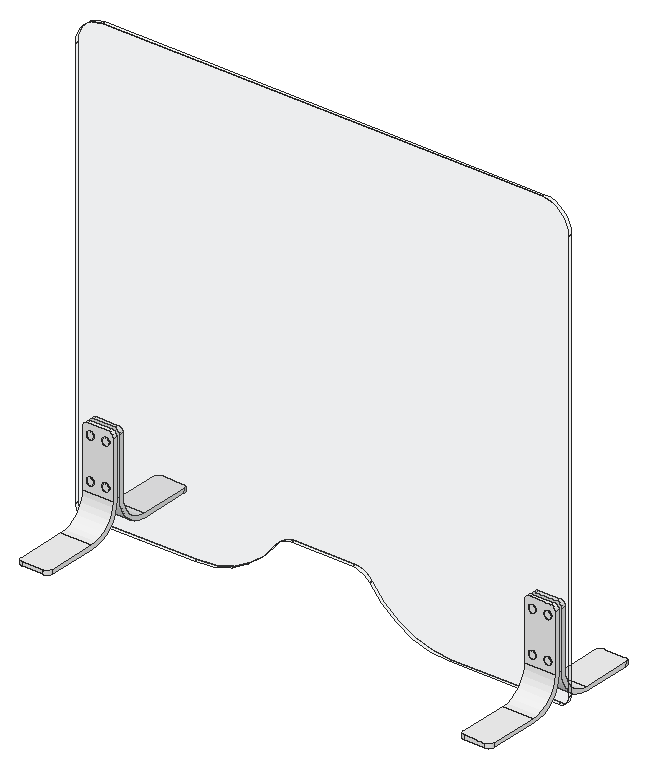
Revit family "Clarus_beShield_Freestanding_R19", category Furniture, host Face, Revit 2019
Family settings
  Host = Face
  Cut with Voids When Loaded = No
  Shared = No
  Room Calculation Point = No
Parameters (values of type "48" x 44"")
  Window [instance] = yes
  Width = 48"
  URL = "https://www.clarus.com/"
  TRC Standards [instance] = "http://therevitcollection.com/news/trc-news-the-revit-collection-standards-explained/"
  Shield [instance] = not(Window)  # no
  Product URL = "https://www.clarus.com/be-shield/"
  More Revit Families! [instance] = "www.therevitcollection.com"
  Modeled By = "Commense Studio"  # constant formula
  Model = "be! Shield"  # constant formula
  Manufacturer = "Clarus"  # constant formula
  Leg Finish [instance] = Clarus White
  Glass Depth = 3/8"
  Clarus Glass [instance] = Glass
  Description = "be! Shield is elegantly engineered to add a seamless layer of non-porous, antimicrobial tempered glass to ensure the health and safety of patrons and employees. It’s the perfect solution for the collaborative needs of your workspace."  # constant formula
  Height = 44"
  Designer = ""
  Depth = 17"
  Default Elevation = 0"
  Assembly Code = ""
Types (7): name | Width | Leg Finish | Height | Depth
  (no name) | 48" | Clarus White | 44" | 17"
  36" x 24" | 36" | Clarus Black | 24" | 12"
  48" x 24" | 48" | Clarus White | 24" | 12"
  36" x 34" | 36" | Clarus White | 34" | 12"
  48" x 34" | 48" | Clarus Black | 34" | 12"
  36" x 44" | 36" | Clarus Black | 44" | 17"
  48" x 44" | 48" | Clarus White | 44" | 17"
Reference planes (in)
  plane 1 "Center (Front/Back)": y = 0
  plane 2: z = 0
  plane 3 "Center (Left/Right)": x = 0
  plane 4 "L": x = -24
  plane 5 "R": x = 24
  plane 6 "B": y = 0.1875
  plane 7 "F": y = -0.1875
  plane 8: z = 44
  plane 9: x = 12.5
  plane 10: x = -12.5
  plane 11: z = 5.25
  plane 12: x = -21.5
  plane 13: x = 21.5
Forms (in)
  Extrusion 1, solid, material "Glass" <- "Clarus Glass", visible <- "Window"
    sketch origin (0, 0, 0) x (1, 0, 0) y (0, 0, 1)
      loop
        arc (-21.375, 44) -> (-23.23116, 43.23116) -> (-24, 41.375) r 2.625
        line (-24, 41.375) -> (-24, 1.25)
        arc (-24, 1.25) -> (-23.70711, 0.54289) -> (-23, 0.25) r 1
        line (-23, 0.25) -> (-12.42908, 0.25)
        arc (-12.42908, 0.25) -> (-7.99968, 1.34581) -> (-4.59213, 4.38043) r 9.5
        arc (-4.59213, 4.38043) -> (-3.87475, 5.0193) -> (-2.94225, 5.25) r 2
        line (-2.94225, 5.25) -> (2.94225, 5.25)
        arc (2.94225, 5.25) -> (3.87475, 5.0193) -> (4.59213, 4.38043) r 2
        arc (4.59213, 4.38043) -> (7.99968, 1.34581) -> (12.42908, 0.25) r 9.5
        line (12.42908, 0.25) -> (23, 0.25)
        arc (23, 0.25) -> (23.70711, 0.54289) -> (24, 1.25) r 1
        line (24, 1.25) -> (24, 41.375)
        arc (24, 41.375) -> (23.23116, 43.23116) -> (21.375, 44) r 2.625
        line (21.375, 44) -> (-21.375, 44)
    from -0.1875 to 0.1875
  Extrusion 2, solid, material "Glass" <- "Clarus Glass", visible <- "Shield"
    sketch origin (0, 0, 0) x (1, 0, 0) y (0, 0, 1)
      loop
        arc (-21.375, 44) -> (-23.23116, 43.23116) -> (-24, 41.375) r 2.625
        line (-24, 41.375) -> (-24, 1.25)
        arc (-24, 1.25) -> (-23.70711, 0.54289) -> (-23, 0.25) r 1
        line (-23, 0.25) -> (23, 0.25)
        arc (23, 0.25) -> (23.70711, 0.54289) -> (24, 1.25) r 1
        line (24, 1.25) -> (24, 41.375)
        arc (24, 41.375) -> (23.23116, 43.23116) -> (21.375, 44) r 2.625
        line (21.375, 44) -> (-21.375, 44)
    from -0.1875 to 0.1875
Dimensions and locks (in)
  equal spacing: plane 4 "L", plane 3 "Center (Left/Right)", plane 5 "R"
  "Width": plane 4 "L" to plane 5 "R"
  equal spacing: plane 7 "F", plane 1 "Center (Front/Back)", plane 6 "B"
  "Glass Depth": plane 7 "F" to plane 6 "B"
  "Height": plane 8 to level
  plane 10 to plane 3 "Center (Left/Right)" to plane 9 = 12 1/2", 12 1/2"
  plane 11 to level = 5 1/4"
  locked: plane 4 "L" to plane 12 at 2.5
  locked: plane 13 to plane 5 "R" at 2.5
  aligned and locked: plane 2 to host face
  aligned and locked: level to host face
  aligned and locked: Extrusion 1 sketch curve to plane 11
  aligned and locked: Extrusion 1 to plane 6 "B"
  aligned and locked: plane 7 "F" to Extrusion 1
  aligned and locked: nested 1 to plane 12
  aligned and locked: plane 13 to nested 2
  aligned and locked: plane 4 "L" to Extrusion 2 sketch curve
  aligned and locked: Extrusion 2 sketch curve to plane 5 "R"
  aligned and locked: Extrusion 2 sketch curve to plane 8
Automatic sketch dimensions
  host sketch curve to host sketch curve = 96"  (x2)
  Extrusion 1 sketch curve to plane 4 "L" = 0"
  Extrusion 1 sketch curve to plane 8 = 0"
  Extrusion 1 sketch curve to plane 5 "R" = 0"
  level to Extrusion 1 sketch curve = 1/4"  (x2)
  plane 4 "L" to Extrusion 1 sketch curve = 1"
  plane 4 "L" to Extrusion 1 sketch curve = 2 5/8"
  Extrusion 1 sketch curve to plane 3 "Center (Left/Right)" = 2.94225"
  plane 3 "Center (Left/Right)" to Extrusion 1 sketch curve = 2.94225"
  Extrusion 1 sketch curve to plane 9 = 0.07092"
  Extrusion 1 sketch curve to Extrusion 1 sketch curve = 2 5/8"
  Extrusion 1 sketch curve to plane 5 "R" = 1"
  Extrusion 1 sketch curve to plane 11 = 2"  (x2)
  plane 11 to Extrusion 1 sketch curve = 4 1/2"  (x2)
  Extrusion 1 sketch curve to plane 10 = 0.07092"
  level to Extrusion 2 sketch curve = 1/4"
  plane 4 "L" to Extrusion 2 sketch curve = 1"
  Extrusion 2 sketch curve to plane 12 = 1/8"
  Extrusion 2 sketch curve to plane 13 = 1/8"
  Extrusion 2 sketch curve to Extrusion 2 sketch curve = 1"
Nested families (in)
  nested 1: "Clarus_beShield_F&B_R18" at (-21.5, 0.5625, 0), Core Finish <- "Leg Finish", type "Front & Back 12""
    with TRC Standards "http://therevitcollection.com/news/trc-news-the-revit-collection-standards-explained/", More Revit Families! "www.therevitcollection.com", Core Finish Clarus White, D Control 8 1/2", Depth 17"
  nested 2: "Clarus_beShield_F&B_R18" at (21.5, 0.5625, 0), Core Finish <- "Leg Finish", type "Front & Back 12""
    with TRC Standards "http://therevitcollection.com/news/trc-news-the-revit-collection-standards-explained/", More Revit Families! "www.therevitcollection.com", Core Finish Clarus White, D Control 8 1/2", Depth 17"
Definition of nested family "Clarus_beShield_F&B_R18"
  Parameters (values of type "Front & Back 12"")
    Width = 3"  # constant formula
    URL = "https://www.clarus.com/"
    TRC Standards [instance] = "http://therevitcollection.com/news/trc-news-the-revit-collection-standards-explained/"
    Product URL = "https://www.clarus.com/be-shield/"
    More Revit Families! [instance] = "www.therevitcollection.com"
    Modeled By = "Commense Studio"  # constant formula
    Model = "be! Shield"  # constant formula
    Manufacturer = "Clarus"  # constant formula
    D Control = Depth / 2  # 6"
    Core Finish [instance] = none
    Description = "be! Shield Leg Configs"  # constant formula
    Height = 9"  # constant formula
    Designer = ""
    Depth = 12"
    Default Elevation = 0"
    Assembly Code = ""
  Reference planes (in)
    plane 1 "Center (Front/Back)": y = 0
    plane 2: z = 0
    plane 3 "Center (Left/Right)": x = 0
    plane 4 "L": x = -1.5
    plane 5 "R": x = 1.5
    plane 6: z = 9
    plane 7: y = -0.375
    plane 8: y = -0.75
    plane 9: y = 5.4375
    plane 10 "cl": y = -0.5625
    plane 11: y = -6.5625
    plane 12: y = -1.125
  Forms (in)
    Extrusion 1, solid
      sketch origin (0, 0, 0) x (1, 0, 0) y (0, 1, 0)
        loop
          line (-48, 48) -> (-48, -48) -> (48, -48) -> (48, 48) -> (-48, 48)
      from 0 to -12
    Extrusion 2, solid, material <- "Core Finish"
      sketch origin (0, -0.75984, 0) x (1, 0, 0) y (0, 0, 1)
        loop
          arc (-1, 9) -> (-1.35355, 8.85355) -> (-1.5, 8.5) r 0.5
          line (-1.5, 8.5) -> (-1.5, 3.00001) -> (1.5, 3.00001) -> (1.5, 8.5)
          arc (1.5, 8.5) -> (1.35355, 8.85355) -> (1, 9) r 0.5
          line (1, 9) -> (-1, 9)
      from -0.00984 to 0.36516
    Extrusion 3, void
      sketch origin (0, 0, 0) x (1, 0, 0) y (0, 0, 1)
        loop
          circle (-0.75197, 8.00344) r 0.37503
        loop
          circle (-0.75197, 8.00344) r 0.34378
        loop
          circle (0.75197, 8.00344) r 0.37503
        loop
          circle (0.75197, 8.00344) r 0.34378
        loop
          circle (-0.75197, 4.00344) r 0.37503
        loop
          circle (-0.75197, 4.00344) r 0.34378
        loop
          circle (0.75197, 4.00344) r 0.37503
        loop
          circle (0.75197, 4.00344) r 0.34378
      from 0 to 2
    Extrusion 4, solid, material <- "Core Finish"
      sketch origin (10.61611, 0, 0) x (0, 0, 1) y (0, -1, 0)
        loop
          line (0.375, 3.75) -> (0.375, 6.5625) -> (0, 6.5625) -> (0, 3.75)
          arc (0, 3.75) -> (0.87868, 1.62868) -> (3, 0.75) r 3
          line (3, 0.75) -> (3, 1.125)
          arc (3, 1.125) -> (1.14385, 1.89384) -> (0.375, 3.75) r 2.625
        loop
          arc (0.375, -2.625) -> (1.14385, -0.76884) -> (3, 0) r 2.625
          line (3, 0) -> (3, 0.375)
          arc (3, 0.375) -> (0.87868, -0.50368) -> (0, -2.625) r 3
          line (0, -2.625) -> (0, -5.4375) -> (0.375, -5.4375) -> (0.375, -2.625)
      from -12.11611 to -9.11611
    Extrusion 5, solid, material <- "Core Finish"
      sketch origin (0, -0.75984, 0) x (1, 0, 0) y (0, 0, 1)
        loop
          arc (-1, 9) -> (-1.35355, 8.85355) -> (-1.5, 8.5) r 0.5
          line (-1.5, 8.5) -> (-1.5, 3.00001) -> (1.5, 3.00001) -> (1.5, 8.5)
          arc (1.5, 8.5) -> (1.35355, 8.85355) -> (1, 9) r 0.5
          line (1, 9) -> (-1, 9)
      from -0.75984 to -0.38484
    Extrusion 6, void
      sketch origin (0, 11.80266, 0) x (1, 0, 0) y (0, 1, 0)
        loop
          line (-1, -6.36516) -> (-1.5, -6.36516) -> (-1.5, -6.86516)
          arc (-1.5, -6.86516) -> (-1.35355, -6.5116) -> (-1, -6.36516) r 0.5
        loop
          arc (1, -6.36516) -> (1.35355, -6.5116) -> (1.5, -6.86516) r 0.5
          line (1.5, -6.86516) -> (1.5, -6.36516) -> (1, -6.36516)
        loop
          arc (-1, -18.36516) -> (-1.35355, -18.21871) -> (-1.5, -17.86516) r 0.5
          line (-1.5, -17.86516) -> (-1.5, -18.36516) -> (-1, -18.36516)
        loop
          line (1, -18.36516) -> (1.5, -18.36516) -> (1.5, -17.86516)
          arc (1.5, -17.86516) -> (1.35355, -18.21871) -> (1, -18.36516) r 0.5
      from 0 to 0.5
  Cuts and joins
    Extrusion 3 cuts Extrusion 2
    Extrusion 6 cuts Extrusion 4
    Extrusion 3 cuts Extrusion 5
    joined: Extrusion 2, Extrusion 4, Extrusion 5
  Dimensions and locks (in)
    equal spacing: plane 4 "L", plane 3 "Center (Left/Right)", plane 5 "R"
    "Width": plane 4 "L" to plane 5 "R"
    "Height": plane 6 to level
    plane 8 to plane 7 to plane 1 "Center (Front/Back)" = 3/8" locked, 3/8"
    "D Control": plane 10 "cl" to plane 9
    "D Control": plane 10 "cl" to plane 11
    aligned and locked: plane 2 to Extrusion 1
    aligned and locked: level to Extrusion 1
    aligned and locked: Extrusion 5 to plane 1 "Center (Front/Back)"
    aligned and locked: plane 7 to Extrusion 5
    aligned and locked: cut or joined group of Extrusion 2, Extrusion 3, Extrusion 4, Extrusion 5, Extrusion 6 to plane 8
    aligned and locked: plane 12 to cut or joined group of Extrusion 2, Extrusion 3, Extrusion 4, Extrusion 5, Extrusion 6
  Automatic sketch dimensions
    Extrusion 1 sketch curve to Extrusion 1 sketch curve = 96"  (x2)
    Extrusion 2 sketch curve to plane 4 "L" = 0"
    Extrusion 2 sketch curve to plane 6 = 0"
    Extrusion 2 sketch curve to plane 5 "R" = 0"
    plane 4 "L" to Extrusion 2 sketch curve = 1/2"
    Extrusion 2 sketch curve to plane 5 "R" = 1/2"
    level to Extrusion 2 sketch curve = 3"
    Extrusion 3 sketch curve to Extrusion 3 sketch curve = 0"  (x9)
    plane 4 "L" to Extrusion 3 sketch curve = 0.74803"  (x2)
    Extrusion 3 sketch curve to plane 5 "R" = 0.74803"  (x2)
    level to Extrusion 3 sketch curve = 4.00344"
    Extrusion 3 sketch curve to plane 6 = 0.99656"  (x2)
    Extrusion 4 sketch curve to plane 9 = 0"
    Extrusion 4 sketch curve to plane 11 = 0"
    Extrusion 4 sketch curve to plane 12 = 0"
    Extrusion 4 sketch curve to plane 1 "Center (Front/Back)" = 0"
    level to Extrusion 4 sketch curve = 0"  (x2)
    Extrusion 4 sketch curve to Extrusion 4 sketch curve = 3/8"  (x2)
    level to Extrusion 4 sketch curve = 3"
    Extrusion 4 sketch curve to Extrusion 4 sketch curve = 2 5/8"
    Extrusion 4 sketch curve to plane 1 "Center (Front/Back)" = 2 5/8"
    Extrusion 4 sketch curve to Extrusion 4 sketch curve = 0"  (x4)
    plane 8 to Extrusion 4 sketch curve = 0"
    Extrusion 5 sketch curve to plane 4 "L" = 0"
    Extrusion 5 sketch curve to plane 6 = 0"
    Extrusion 5 sketch curve to plane 5 "R" = 0"
    plane 4 "L" to Extrusion 5 sketch curve = 1/2"
    Extrusion 5 sketch curve to plane 5 "R" = 1/2"
    level to Extrusion 5 sketch curve = 3"
    Extrusion 6 sketch curve to plane 4 "L" = 0"  (x4)
    plane 9 to Extrusion 6 sketch curve = 0"  (x2)
    Extrusion 6 sketch curve to plane 11 = 0"  (x2)
    Extrusion 6 sketch curve to plane 5 "R" = 0"  (x4)
    plane 4 "L" to Extrusion 6 sketch curve = 1/2"  (x2)
    Extrusion 6 sketch curve to Extrusion 6 sketch curve = 1/2"  (x2)
    Extrusion 6 sketch curve to Extrusion 6 sketch curve = 0"  (x8)
    radius of Extrusion 3 sketch curve = 0.37503"  (x4)
    radius of Extrusion 3 sketch curve = 0.34378"  (x4)
